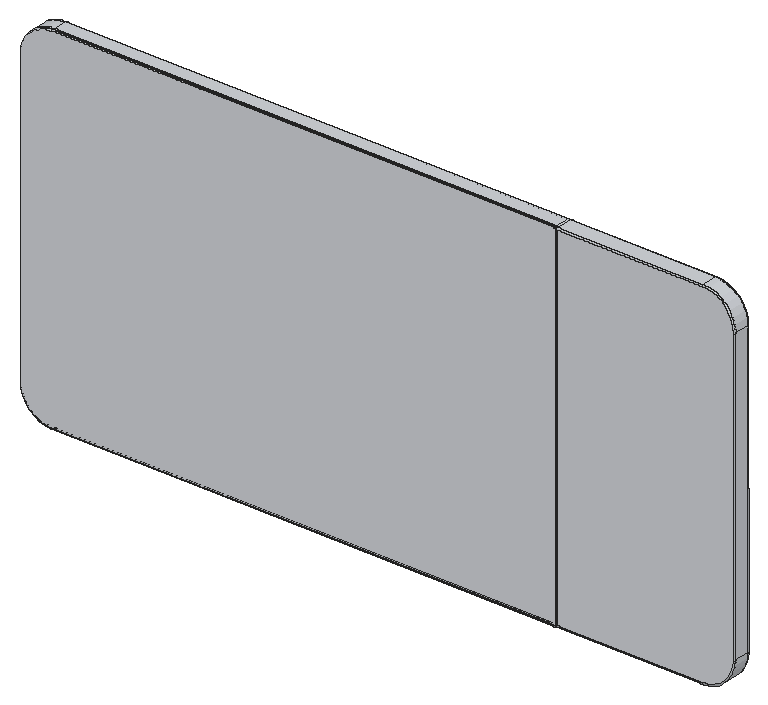
Revit family "70704", category Generic Models, Revit 2017
Family settings
  Can host rebar = No
  Round Connector Dimension = Use Diameter
  Part Type = Normal
  Work Plane-Based = No
  Always vertical = Yes
  Cut with Voids When Loaded = No
  Shared = No
  Room Calculation Point = No
Parameters
  Textile = none
  Glass = none
Reference planes
  plane 1 "Center (Front/Back)": y = 0
  plane 2: z = 0
  plane 3 "Center (Left/Right)": x = 0
  plane 4: z = 1000
  plane 5: x = -750
  plane 6: x = 1250
  plane 7: x = -250
  plane 8: y = 50
  plane 9: y = 5
Forms (mm)
  Extrusion 1, solid, material <- "Textile", not visible
    sketch origin (0, 0, 0) x (1, 0, 0) y (0, 0, 1)
      loop
        arc (-660, 1000) -> (-723.64, 973.64) -> (-750, 910) r 90
        line (-750, 910) -> (-750, 90)
        arc (-750, 90) -> (-723.64, 26.36) -> (-660, 0) r 90
        line (-660, 0) -> (-250, 0) -> (-250, 1000) -> (-660, 1000)
    from -50 to 0
  Sweep 2, void, not visible
    path origin (0, 0, 0) x (1, 0, 0) y (0, 0, 1)
      loop
        line (-250, 1000) -> (-660, 1000)
        arc (-660, 1000) -> (-723.64, 973.64) -> (-750, 910) r 90
        line (-750, 910) -> (-750, 90)
        arc (-750, 90) -> (-723.64, 26.36) -> (-660, 0) r 90
        line (-660, 0) -> (-250, 0) -> (-250, 1000)
    profile origin (-455, 0, 1000) x (0, 0, -1) y (0, -1, 0)
      loop
        line (0, 0) -> (0, -3)
        arc (0, -3) -> (0.879, -0.879) -> (3, 0) r 3
        line (3, 0) -> (0, 0)
  Sweep 3, void, not visible
    path origin (-1625.009, 50, 1200) x (-1, 0, 0) y (0, 0, 1)
      loop
        line (-965.009, -200) -> (-1375.009, -200) -> (-1375.009, -1200) -> (-965.009, -1200)
        arc (-965.009, -1200) -> (-901.369, -1173.64) -> (-875.009, -1110) r 90
        line (-875.009, -1110) -> (-875.009, -290)
        arc (-875.009, -290) -> (-901.369, -226.36) -> (-965.009, -200) r 90
    profile origin (-455, 50, 1000) x (0, 0, -1) y (0, 1, 0)
      loop
        line (0, 0) -> (0, -3)
        arc (0, -3) -> (0.879, -0.879) -> (3, 0) r 3
        line (3, 0) -> (0, 0)
  Sweep 4, void, not visible
    path origin (-250, -1524, 1234.272) x (0, 0, 1) y (0, -1, 0)
      loop
        line (-234.272, -1524) -> (-1234.272, -1524) -> (-1234.272, -1574) -> (-234.272, -1574) -> (-234.272, -1524)
    profile origin (-250, 25, 1000) x (0, 0, 1) y (1, 0, 0)
      loop
        line (0, 0) -> (-3, 0)
        arc (-3, 0) -> (-0.879, -0.879) -> (0, -3) r 3
        line (0, -3) -> (0, 0)
  Extrusion 5, solid, material <- "Textile", not visible
    sketch origin (-1625.009, 50, 1200) x (-1, 0, 0) y (0, 0, 1)
      loop
        arc (-2785.009, -200) -> (-2848.649, -226.36) -> (-2875.009, -290) r 90
        line (-2875.009, -290) -> (-2875.009, -1110)
        arc (-2875.009, -1110) -> (-2848.649, -1173.64) -> (-2785.009, -1200) r 90
        line (-2785.009, -1200) -> (-1375.009, -1200) -> (-1375.009, -200) -> (-2785.009, -200)
    from -45 to 0
  Sweep 6, void, not visible
    path origin (-1625.009, 50, 1200) x (-1, 0, 0) y (0, 0, 1)
      loop
        line (-1375.009, -200) -> (-2785.009, -200)
        arc (-2785.009, -200) -> (-2848.649, -226.36) -> (-2875.009, -290) r 90
        line (-2875.009, -290) -> (-2875.009, -1110)
        arc (-2875.009, -1110) -> (-2848.649, -1173.64) -> (-2785.009, -1200) r 90
        line (-2785.009, -1200) -> (-1375.009, -1200) -> (-1375.009, -200)
    profile origin (455, 50, 1000) x (0, 0, -1) y (0, 1, 0)
      loop
        line (0, 0) -> (0, -3)
        arc (0, -3) -> (0.879, -0.879) -> (3, 0) r 3
        line (3, 0) -> (0, 0)
  Sweep 7, void, not visible
    path origin (-320.53, 5, 1200) x (-1, 0, 0) y (0, 0, 1)
      loop
        line (-70.53, -200) -> (-1480.53, -200)
        arc (-1480.53, -200) -> (-1544.169, -226.36) -> (-1570.53, -290) r 90
        line (-1570.53, -290) -> (-1570.53, -1110)
        arc (-1570.53, -1110) -> (-1544.169, -1173.64) -> (-1480.53, -1200) r 90
        line (-1480.53, -1200) -> (-70.53, -1200) -> (-70.53, -200)
    profile origin (455, 5, 1000) x (0, 0, -1) y (0, 1, 0)
      loop
        line (0, 0) -> (3, 0)
        arc (3, 0) -> (0.879, 0.879) -> (0, 3) r 3
        line (0, 3) -> (0, 0)
  Sweep 8, void, not visible
    path origin (-250, -1524, 1234.272) x (0, 0, 1) y (0, -1, 0)
      loop
        line (-234.272, -1529) -> (-1234.272, -1529) -> (-1234.272, -1574) -> (-234.272, -1574) -> (-234.272, -1529)
    profile origin (-250, 27.5, 1000) x (0, 0, 1) y (1, 0, 0)
      loop
        line (0, 0) -> (0, 3)
        arc (0, 3) -> (-0.879, 0.879) -> (-3, 0) r 3
        line (-3, 0) -> (0, 0)
  Extrusion 9, solid, material <- "Glass", not visible
    sketch origin (-320.53, 5, 1200) x (-1, 0, 0) y (0, 0, 1)
      loop
        arc (-1480.53, -200) -> (-1544.169, -226.36) -> (-1570.53, -290) r 90
        line (-1570.53, -290) -> (-1570.53, -1110)
        arc (-1570.53, -1110) -> (-1544.169, -1173.64) -> (-1480.53, -1200) r 90
        line (-1480.53, -1200) -> (-70.53, -1200) -> (-70.53, -200) -> (-1480.53, -200)
    from -5 to 0
  Sweep 10, void, not visible
    path origin (-320.53, 5, 1200) x (-1, 0, 0) y (0, 0, 1)
      loop
        line (-70.53, -200) -> (-1480.53, -200)
        arc (-1480.53, -200) -> (-1544.169, -226.36) -> (-1570.53, -290) r 90
        line (-1570.53, -290) -> (-1570.53, -1110)
        arc (-1570.53, -1110) -> (-1544.169, -1173.64) -> (-1480.53, -1200) r 90
        line (-1480.53, -1200) -> (-70.53, -1200) -> (-70.53, -200)
    profile origin (455, 5, 1000) x (0, 0, -1) y (0, 1, 0)
      loop
        line (0, 0) -> (0, -1)
        arc (0, -1) -> (0.293, -0.293) -> (1, 0) r 1
        line (1, 0) -> (0, 0)
  Sweep 11, void, not visible
    path origin (0, 0, 0) x (1, 0, 0) y (0, 0, 1)
      loop
        line (-250, 1000) -> (-250, 0) -> (1160, 0)
        arc (1160, 0) -> (1223.64, 26.36) -> (1250, 90) r 90
        line (1250, 90) -> (1250, 910)
        arc (1250, 910) -> (1223.64, 973.64) -> (1160, 1000) r 90
        line (1160, 1000) -> (-250, 1000)
    profile origin (455, 0, 1000) x (0, 0, 1) y (0, -1, 0)
      loop
        line (0, 0) -> (-1, 0)
        arc (-1, 0) -> (-0.293, -0.293) -> (0, -1) r 1
        line (0, -1) -> (0, 0)
  Sweep 12, void, not visible
    path origin (-250, -1524, 1234.272) x (0, 0, 1) y (0, -1, 0)
      loop
        line (-234.272, -1529) -> (-234.272, -1524) -> (-1234.272, -1524) -> (-1234.272, -1529) -> (-234.272, -1529)
    profile origin (-250, 2.5, 1000) x (0, 0, -1) y (1, 0, 0)
      loop
        arc (1, 0) -> (0.293, 0.293) -> (0, 1) r 1
        line (0, 1) -> (-1, 1) -> (-1, -1) -> (1, -1) -> (1, 0)
  Extrusion 13, solid, material <- "Textile"
    sketch origin (-2000, 0, 0) x (1, 0, 0) y (0, 0, 1)
      loop
        line (3160, 1000) -> (2750, 1000) -> (2750, 0) -> (3160, 0)
        arc (3160, 0) -> (3223.64, 26.36) -> (3250, 90) r 90
        line (3250, 90) -> (3250, 910)
        arc (3250, 910) -> (3223.64, 973.64) -> (3160, 1000) r 90
    from -50 to 0
  Sweep 14, void
    path origin (-2000, 0, 0) x (1, 0, 0) y (0, 0, 1)
      loop
        line (2750, 1000) -> (2750, 0) -> (3160, 0)
        arc (3160, 0) -> (3223.64, 26.36) -> (3250, 90) r 90
        line (3250, 90) -> (3250, 910)
        arc (3250, 910) -> (3223.64, 973.64) -> (3160, 1000) r 90
        line (3160, 1000) -> (2750, 1000)
    profile origin (955, 0, 1000) x (0, 0, 1) y (0, -1, 0)
      loop
        line (0, 0) -> (-3, 0)
        arc (-3, 0) -> (-0.879, -0.879) -> (0, -3) r 3
        line (0, -3) -> (0, 0)
  Sweep 15, void
    path origin (-3625.009, 50, 1200) x (-1, 0, 0) y (0, 0, 1)
      loop
        arc (-4785.009, -200) -> (-4848.649, -226.36) -> (-4875.009, -290) r 90
        line (-4875.009, -290) -> (-4875.009, -1110)
        arc (-4875.009, -1110) -> (-4848.649, -1173.64) -> (-4785.009, -1200) r 90
        line (-4785.009, -1200) -> (-4375.009, -1200) -> (-4375.009, -200) -> (-4785.009, -200)
    profile origin (955, 50, 1000) x (0, 0, 1) y (0, 1, 0)
      loop
        line (0, 0) -> (-3, 0)
        arc (-3, 0) -> (-0.879, -0.879) -> (0, -3) r 3
        line (0, -3) -> (0, 0)
  Sweep 16, void
    path origin (-250, -1524, 1234.272) x (0, 0, 1) y (0, -1, 0)
      loop
        line (-234.272, -1524) -> (-1234.272, -1524) -> (-1234.272, -1574) -> (-234.272, -1574) -> (-234.272, -1524)
    profile origin (2750, 25, 1000) x (0, 0, 1) y (1, 0, 0)
      loop
        line (0, -2000) -> (0, -1997)
        arc (0, -1997) -> (-0.879, -1999.121) -> (-3, -2000) r 3
        line (-3, -2000) -> (0, -2000)
  Extrusion 17, solid, material <- "Textile"
    sketch origin (-3625.009, 50, 1200) x (-1, 0, 0) y (0, 0, 1)
      loop
        line (-2965.009, -200) -> (-4375.009, -200) -> (-4375.009, -1200) -> (-2965.009, -1200)
        arc (-2965.009, -1200) -> (-2901.369, -1173.64) -> (-2875.009, -1110) r 90
        line (-2875.009, -1110) -> (-2875.009, -290)
        arc (-2875.009, -290) -> (-2901.369, -226.36) -> (-2965.009, -200) r 90
    from -45 to 0
  Sweep 18, void
    path origin (-3625.009, 50, 1200) x (-1, 0, 0) y (0, 0, 1)
      loop
        line (-4375.009, -200) -> (-4375.009, -1200) -> (-2965.009, -1200)
        arc (-2965.009, -1200) -> (-2901.369, -1173.64) -> (-2875.009, -1110) r 90
        line (-2875.009, -1110) -> (-2875.009, -290)
        arc (-2875.009, -290) -> (-2901.369, -226.36) -> (-2965.009, -200) r 90
        line (-2965.009, -200) -> (-4375.009, -200)
    profile origin (45, 50, 1000) x (0, 0, 1) y (0, 1, 0)
      loop
        line (0, 0) -> (-3, 0)
        arc (-3, 0) -> (-0.879, -0.879) -> (0, -3) r 3
        line (0, -3) -> (0, 0)
  Sweep 19, void
    path origin (-2320.53, 5, 1200) x (-1, 0, 0) y (0, 0, 1)
      loop
        line (-3070.53, -200) -> (-3070.53, -1200) -> (-1660.53, -1200)
        arc (-1660.53, -1200) -> (-1596.89, -1173.64) -> (-1570.53, -1110) r 90
        line (-1570.53, -1110) -> (-1570.53, -290)
        arc (-1570.53, -290) -> (-1596.89, -226.36) -> (-1660.53, -200) r 90
        line (-1660.53, -200) -> (-3070.53, -200)
    profile origin (45, 5, 1000) x (0, 0, 1) y (0, 1, 0)
      loop
        line (0, 0) -> (0, 3)
        arc (0, 3) -> (-0.879, 0.879) -> (-3, 0) r 3
        line (-3, 0) -> (0, 0)
  Sweep 20, void
    path origin (-250, -1524, 1234.272) x (0, 0, 1) y (0, -1, 0)
      loop
        line (-234.272, -1529) -> (-1234.272, -1529) -> (-1234.272, -1574) -> (-234.272, -1574) -> (-234.272, -1529)
    profile origin (2750, 27.5, 1000) x (0, 0, 1) y (1, 0, 0)
      loop
        line (0, -2000) -> (-3, -2000)
        arc (-3, -2000) -> (-0.879, -2000.879) -> (0, -2003) r 3
        line (0, -2003) -> (0, -2000)
  Extrusion 21, solid, material <- "Glass"
    sketch origin (-2320.53, 5, 1200) x (-1, 0, 0) y (0, 0, 1)
      loop
        line (-1660.53, -200) -> (-3070.53, -200) -> (-3070.53, -1200) -> (-1660.53, -1200)
        arc (-1660.53, -1200) -> (-1596.89, -1173.64) -> (-1570.53, -1110) r 90
        line (-1570.53, -1110) -> (-1570.53, -290)
        arc (-1570.53, -290) -> (-1596.89, -226.36) -> (-1660.53, -200) r 90
    from -5 to 0
  Sweep 22, void
    path origin (-2320.53, 5, 1200) x (-1, 0, 0) y (0, 0, 1)
      loop
        line (-3070.53, -200) -> (-3070.53, -1200) -> (-1660.53, -1200)
        arc (-1660.53, -1200) -> (-1596.89, -1173.64) -> (-1570.53, -1110) r 90
        line (-1570.53, -1110) -> (-1570.53, -290)
        arc (-1570.53, -290) -> (-1596.89, -226.36) -> (-1660.53, -200) r 90
        line (-1660.53, -200) -> (-3070.53, -200)
    profile origin (45, 5, 1000) x (0, 0, 1) y (0, 1, 0)
      loop
        arc (-1, 0) -> (-0.293, -0.293) -> (0, -1) r 1
        line (0, -1) -> (1, -1) -> (1, 1) -> (-1, 1) -> (-1, 0)
  Sweep 23, void
    path origin (-2000, 0, 0) x (1, 0, 0) y (0, 0, 1)
      loop
        line (2750, 1000) -> (1340, 1000)
        arc (1340, 1000) -> (1276.36, 973.64) -> (1250, 910) r 90
        line (1250, 910) -> (1250, 90)
        arc (1250, 90) -> (1276.36, 26.36) -> (1340, 0) r 90
        line (1340, 0) -> (2750, 0) -> (2750, 1000)
    profile origin (45, 0, 1000) x (0, 0, -1) y (0, -1, 0)
      loop
        line (1, 0) -> (1, 1) -> (-1, 1) -> (-1, -1) -> (0, -1)
        arc (0, -1) -> (0.293, -0.293) -> (1, 0) r 1
  Sweep 24, void
    path origin (-250, -1524, 1234.272) x (0, 0, 1) y (0, -1, 0)
      loop
        line (-234.272, -1529) -> (-234.272, -1524) -> (-1234.272, -1524) -> (-1234.272, -1529) -> (-234.272, -1529)
    profile origin (2750, 2.5, 1000) x (0, 0, -1) y (1, 0, 0)
      loop
        line (1, -2000) -> (1, -1999) -> (-1, -1999) -> (-1, -2001) -> (0, -2001)
        arc (0, -2001) -> (0.293, -2000.293) -> (1, -2000) r 1
Cuts and joins
  Sweep 14, Sweep 15, Sweep 16 cuts Extrusion 13
  Sweep 14, Sweep 22, Sweep 23, Sweep 24 cuts Extrusion 21
  Sweep 15, Sweep 18, Sweep 19, Sweep 20 cuts Extrusion 17
Dimensions and locks
  aligned and locked: level to plane 2
